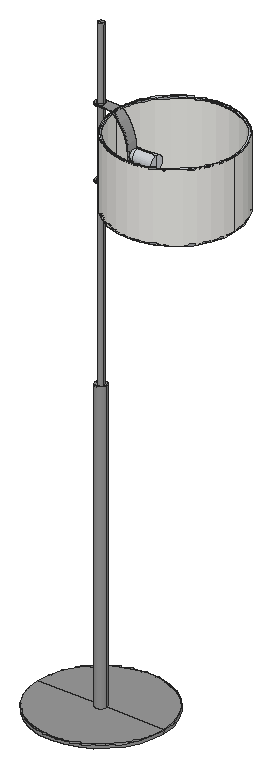
Revit family "Indoor_Floor Lamp_Santa&Cole_TMD", category Luminarias, Revit 2018
Family settings
  Cota de conector redondo = Diámetro de uso
  Tipo de pieza = Normal
  Número OmniClass = 23.80.70.00
  Título OmniClass = Lighting
  Se basa en plano de trabajo = No
  Siempre vertical = Sí
  Corte con vacíos al cargar = No
  Origen de luz = Sí
  Compartido = No
  Punto de cálculo de habitación = No
Parameters
  Wattage = 10.2395 W
  Technical Information = "https://www.santacole.com/recursos/productos/downloads/pdf_espec_tecnicas/SC_TMD_floor_data%20sheet.pdf"
  built-in parameter 1150110 = 1 (stored number, unit not read)
  URL = "https://www.santacole.com/en/catalogue/floor-lamps/tmd"
  Manufacturer website = "http://www.santacole.com"
  built-in parameter 1114217 = 1 (stored number, unit not read)
  built-in parameter 1150109 = 1 (stored number, unit not read)
  Energy Label = "https://www.santacole.com/recursos/productos/downloads/pdf_energy_label/Energy%20Label_TMD_without_bulb.pdf"
  Designed by = "Miguel Milá. 2005"
  Contact phone = "+34.938.619.100"
  Contact e-mail = "info@santacole.com"
  built-in parameter 1150134 = (empty or 0)
  built-in parameter 1150113 = 1 (stored number, unit not read)
  Modelo = "TMD"
  Fabricante = "Santa & Cole"
  Lumens = 1521 lm
  built-in parameter 1150115 = 1 (stored number, unit not read)
  built-in parameter 1150105 = 121.04 (stored number, unit not read)
  Load = 12 W
  Tamaño de símbolo de origen de luz = 50 mm
  built-in parameter 1150137 = (empty or 0)
  built-in parameter 1150139 = (empty or 0)
  built-in parameter 1150112 = 1 (stored number, unit not read)
  built-in parameter 1150114 = 1 (stored number, unit not read)
  Lamp = ""
  built-in parameter 1150132 = 2
  built-in parameter 1150102 = (empty or 0)
  built-in parameter 1150138 = (empty or 0)
  built-in parameter 1150107 = 2700 (stored number, unit not read)
  built-in parameter 1150106 = 1.2104 (stored number, unit not read)
  built-in parameter 1150104 = 13.8 (stored number, unit not read)
  Code = "TMD21+TMDP8"
  Dimming Lamp Color Temperature Shift = (empty or 0)
  Color Filter = 16777215
  built-in parameter 1114218 = 1 (stored number, unit not read)
  Assembly instructions - UL = "https://www.santacole.com/recursos/productos/downloads/pdf_montaje/TMD_Pie_im_UL.pdf"
  Assembly instructions - CE = "https://www.santacole.com/recursos/productos/downloads/pdf_montaje/TMD_Pie_im.pdf"
  built-in parameter 1150133 = 10 (stored number, unit not read)
  Apparent Load = 12 VA
Reference planes
  plane 1 "Light Source Axis (F/B)": y = 0
  plane 2: z = 0
  plane 3 "Light Source Axis (L/R)": x = 0
  plane 4 "Light Source Elevation": z = 1414.311
Forms (mm)
  Revolve 1, solid, material "Santa & Cole - Nickel"
    sketch origin (0, 0, 0) x (1, 0, 0) y (0, 0, 1)
      loop
        arc (-174.4, 9) -> (-175.178, 8.678) -> (-175.5, 7.9) r 1.1
        line (-175.5, 7.9) -> (-175.5, 0) -> (0, 0) -> (0, 1709) -> (-7.998, 1709) -> (-7.998, 809) -> (-15, 809) -> (-15, 9) -> (-174.4, 9)
      axis (0, 1709) -> (0, 0)
    angle from 0 to 360
  Revolve 2, solid
    sketch origin (0, 0, 0) x (1, 0, 0) y (0, 0, 1)
      loop
        line (88.031, 1421.447) -> (88.031, 1411.808) -> (154.362, 1411.808) -> (154.362, 1431.598) -> (102.555, 1429.175)
        arc (102.555, 1429.175) -> (94.424, 1426.943) -> (88.031, 1421.447) r 19.221
      axis (88.031, 1411.808) -> (154.362, 1411.808)
    angle from 0 to 360
  Revolve 3, solid
    sketch origin (0, 0, 0) x (1, 0, 0) y (0, 0, 1)
      loop
        circle (43.15, 1504.8) r 1.95
      loop
        circle (43.15, 1318.7) r 1.95
      axis (206, 1504.8) -> (206, 1318.7)
    angle from 0 to 360
  Revolve 4, solid, material "Santa & Cole - White Linen"
    sketch origin (0, 0, 0) x (1, 0, 0) y (0, 0, 1)
      loop
        line (41.2, 1316.75) -> (41.2, 1506.75) -> (40.4, 1506.75) -> (40.4, 1316.75) -> (41.2, 1316.75)
      axis (206, 1506.75) -> (206, 1316.75)
    angle from 0 to 360
  Extrusion 5, solid, material "Santa & Cole - Nickel"
    sketch origin (0, 0, 0) x (1, 0, 0) y (0, 0, 1)
      loop
        line (-14.996, 1509) -> (-14.996, 1507) -> (44.2, 1507)
        arc (44.2, 1507) -> (44.942, 1506.857) -> (45.577, 1506.447) r 1.99
        arc (45.577, 1506.447) -> (85.999, 1411.751) -> (45.584, 1317.056) r 131.138
        arc (45.584, 1317.056) -> (44.946, 1316.644) -> (44.2, 1316.5) r 2
        line (44.2, 1316.5) -> (-14.997, 1316.5) -> (-14.997, 1314.5) -> (44.2, 1314.5)
        arc (44.2, 1314.5) -> (45.691, 1314.788) -> (46.967, 1315.612) r 4
        arc (46.967, 1315.612) -> (87.999, 1411.758) -> (46.953, 1507.898) r 133.138
        arc (46.953, 1507.898) -> (45.683, 1508.714) -> (44.2, 1509) r 3.99
        line (44.2, 1509) -> (-14.996, 1509)
    from -15 to 15
  Revolve 6, solid, material "Santa & Cole - Nickel"
    sketch origin (0, 0, 0) x (1, 0, 0) y (0, 0, 1)
      loop
        line (-9.996, 1317.625) -> (-9.996, 1316.625) -> (-9.196, 1316.625) -> (-9.196, 1314.375) -> (-9.996, 1314.375) -> (-9.996, 1313.375) -> (-8.495, 1313.375) -> (-8.495, 1317.625) -> (-9.996, 1317.625)
      loop
        line (-9.996, 1510.125) -> (-9.996, 1509.125) -> (-9.196, 1509.125) -> (-9.196, 1506.875) -> (-9.996, 1506.875) -> (-9.996, 1505.875) -> (-8.495, 1505.875) -> (-8.495, 1510.125) -> (-9.996, 1510.125)
      axis (0, 1510.125) -> (0, 1313.375)
    angle from 0 to 360
  Extrusion 7, void
    sketch origin (0, 0, 0) x (1, 0, 0) y (0, 1, 0)
      loop
        circle (0, 0) r 8.495
    from 1303.057 to 1521.388
  Extrusion 8, void
    sketch origin (0, 0, 0) x (1, 0, 0) y (0, 1, 0)
      loop
        line (0, 15) -> (0, 18.91) -> (-20, 18.91) -> (-20, -18.347) -> (0, -18.347) -> (0, -15)
        arc (0, -15) -> (-15, 0) -> (0, 15) r 15
    from 1305.589 to 1535.336
Cuts and joins
  Extrusion 7, Extrusion 8 cuts Extrusion 5
Lines and regions (mm)
  model lines, style "Predeterminado", not visible
    curve 1: line (0, -3.75, 375) -> (0, 3.75, 375)
    curve 2: line (0, 3.75, 375) -> (0, -3.75, 375)
    curve 3: line (0, 15, 86.75) -> (0, -15, 86.75)
    curve 4: line (0, -10, 65) -> (0, -15, 82.176)
    curve 5: line (0, -10, 25) -> (0, -10, 65)
    curve 6: line (0, 6.344, 17.27) -> (0, 10, 25)
    curve 7: line (0, -1.951, 15.192) -> (0, 6.344, 17.27)
    curve 8: line (0, -10, 25) -> (0, -1.951, 15.192)
    curve 9: line (0, 10, 25) -> (0, 10, 65)
    curve 10: line (0, 15, 82.176) -> (0, 10, 65)
    curve 11: line (0, 15, 86.75) -> (0, -15, 86.75)
Dimensions and locks
  aligned and locked: plane 1 "Light Source Axis (F/B)" to imposter light
  aligned and locked: plane 4 "Light Source Elevation" to imposter light
  aligned and locked: level to plane 2
